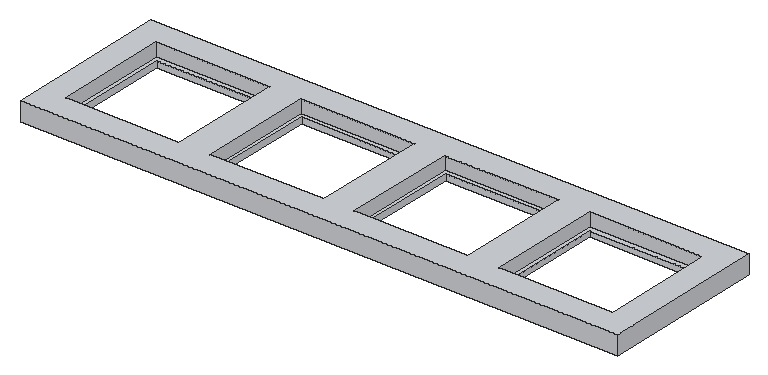
Revit family "Gira_021425", category Electrical Fixtures, host Face, Revit 2017
Family settings
  Host = Face
  Maintain Annotation Orientation = No
  Round Connector Dimension = Use Diameter
  Part Type = Normal
  Cut with Voids When Loaded = No
  Shared = No
  Room Calculation Point = No
Parameters (values of type "Cov.fr. 4-g Gira E2 c.alum.")
  With mounting grid = "No"
  With hinged lid = "No"
  URL = "http://katalog.gira.de/en/datenblatt.html?artikelnr=021425"
  Type of fastening = "Clamp mounting"
  Transparent = "No"
  Surface protection = "Other"
  Suitable for wall duct = "No"
  Suitable for flush-mounted installation = "Yes"
  Suitable for floor box = "No"
  Suitable for built-in installation = "No"
  Number of units vertical = "4"
  Number of units horizontal = "4"
  Number of units = "4"
  Name = "Cov.fr. 4-g Gira E2 c.alum."
  Mounting direction = "Horizontal and vertical"
  Material quality = "Thermoplastic"
  Material = "Plastic"
  Manufacturer URL = "https://www.gira.de/"
  Manufacturer = "Gira"
  Label space/information surface = "No"
  Keynote = ""
  HeinzeBIM = "https://bimportal.heinze.de/bim/cov-fr-4-g-gira-e2-c-alum-/23ff7934ff1922f2dd76ba5e19956f72fea7f036"
  Halogen free = "Yes"
  HAN = "021425"
  GTIN = "4010337214250"
  Description = "Cov.fr.4g E2 CAl,Gira E2 cover frame,colour aluminium,4-gang,Features:,- Shatter-proof.,,Notes :,- Also suitable for duct installation.,- In connection with the seal kit, frame (1-gang to 5-gang) is also suitable for installation as water-protected flush-mounted IP44."
  Degree of protection (IP) = "IP21"
  Default Elevation = 1219.2 mm
  Data sheet (1) = "https://katalog.gira.de/en/download.html?artikelnr=021425"
  Colour = "Aluminium"
  Category = "Cover frame for domestic switching devices"
  BIM (1) = "https://media.stage.bim.site/public/gira/36a6b08/E2_Rahmen_4fach.rfa"
  Available = "No"
Reference planes
  plane 1 "Center (Front/Back)": y = 0
  plane 2: z = 0
  plane 3 "Center (Left/Right)": x = 0
Forms (mm)
  Extrusion 1, solid, detail levels fine
    sketch origin (0, 0, 0) x (1, 0, 0) y (0, 1, 0)
      loop
        line (147.35, 40.4) -> (-147.35, 40.4) -> (-147.35, -40.4) -> (147.35, -40.4) -> (147.35, 40.4)
      loop
        line (78.898, 28.052) -> (78.898, -28.052) -> (135.002, -28.052) -> (135.002, 28.052) -> (78.898, 28.052)
      loop
        line (7.598, 28.052) -> (7.598, -28.052) -> (63.702, -28.052) -> (63.702, 28.052) -> (7.598, 28.052)
      loop
        line (-63.702, 28.052) -> (-63.702, -28.052) -> (-7.598, -28.052) -> (-7.598, 28.052) -> (-63.702, 28.052)
      loop
        line (-135.002, 28.052) -> (-135.002, -28.052) -> (-78.898, -28.052) -> (-78.898, 28.052) -> (-135.002, 28.052)
    from 0 to 9.3
  Extrusion 2, solid, detail levels fine
    sketch origin (-106.85, 0, 0) x (1, 0, 0) y (0, 1, 0)
      loop
        line (-28.152, -28.152) -> (28.152, -28.152) -> (28.152, 28.152) -> (-28.152, 28.152) -> (-28.152, -28.152)
      loop
        line (25.9, -25.7) -> (25.9, 25.7) -> (-25.9, 25.7) -> (-25.9, -25.7) -> (25.9, -25.7)
    from 0 to 3
  Extrusion 3, solid, detail levels coarse+medium
    sketch origin (0, 0, 0) x (1, 0, 0) y (0, 1, 0)
      loop
        line (147.35, 40.4) -> (-147.35, 40.4) -> (-147.35, -40.4) -> (147.35, -40.4) -> (147.35, 40.4)
    from 0 to 9.3
  Extrusion 4, solid, detail levels fine
    sketch origin (-35.55, -0.047, 0) x (1, 0, 0) y (0, 1, 0)
      loop
        line (-28.152, -28.106) -> (28.152, -28.106) -> (28.152, 28.199) -> (-28.152, 28.199) -> (-28.152, -28.106)
      loop
        line (25.9, -25.653) -> (25.9, 25.747) -> (-25.9, 25.747) -> (-25.9, -25.653) -> (25.9, -25.653)
    from 0 to 3
  Extrusion 5, solid, detail levels fine
    sketch origin (106.85, -0.047, 0) x (1, 0, 0) y (0, 1, 0)
      loop
        line (-27.952, -28.006) -> (28.152, -28.006) -> (28.152, 28.099) -> (-27.952, 28.099) -> (-27.952, -28.006)
      loop
        line (26, -25.653) -> (26, 25.747) -> (-25.9, 25.747) -> (-25.9, -25.653) -> (26, -25.653)
    from 0 to 3
  Extrusion 6, solid, detail levels fine
    sketch origin (35.55, -0.047, 0) x (1, 0, 0) y (0, 1, 0)
      loop
        line (-27.952, -28.006) -> (28.152, -28.006) -> (28.152, 28.099) -> (-27.952, 28.099) -> (-27.952, -28.006)
      loop
        line (26, -25.653) -> (26, 25.747) -> (-25.9, 25.747) -> (-25.9, -25.653) -> (26, -25.653)
    from 0 to 3
Dimensions and locks
  aligned and locked: plane 2 to host face
  aligned and locked: level to host face
